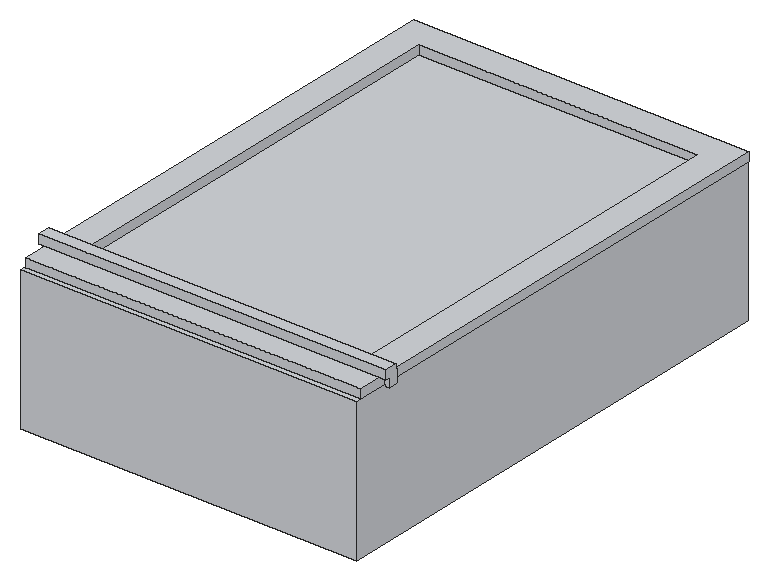
Revit family "M_Recorte-Janela-Exterior-Plana", category Modelos genéricos, Revit 2019
Family settings
  Hospedeiro = Face
  Pode hospedar o vergalhão = Não
  Cota do conector redondo = Utilizar diâmetro
  Tipo de parte = Normal
  Corte com vazios quando carregada = Não
  Compartilhado = Sim
  Ponto de cálculo do ambiente = Não
Parameters (values of type "com peitoril")
  Largura da apara = 60 mm
  Espessura da apara_Quadro = 30 mm
  Espessura da apara_com peitoril = 19.05 mm
  Material da apara [instance] = none
  Espessura do peitoril = 30 mm
  Peitoril = yes
  Quadro = no
  Largura da abertura [instance] = 600 mm
  Altura da abertura [instance] = 900 mm
  Elevação-padrão = 1200 mm
Types (2, lengths in mm): name | Peitoril | Quadro
  com peitoril | yes | no
  Quadro | no | yes
Reference planes
  plane 1 "Centro (Frente/Trás)": y = 0
  plane 2: z = 0
  plane 3 "Centro (Esquerda/Direita)": x = 0
  plane 4: y = 60
  plane 5 "Esquerda": x = -300
  plane 6 "Direita": x = 300
  plane 7 "Inferior": y = -900
  plane 8: y = -930
  plane 9: y = -980.432
  plane 10: x = 360
  plane 11: x = -360
  plane 12: z = 19.05
  plane 13: z = 30
  plane 14: x = 372.7
  plane 15: x = -372.7
  plane 16: y = -920.432
  plane 17: y = -960
  plane 18: z = 12.7
  plane 19: y = -450
  plane 20: z = 38.1
Forms (mm)
  Extrusion 1, solid
    sketch origin (0, 0, 0) x (1, 0, 0) y (0, 1, 0)
      loop
        line (-361.95, 57.15) -> (-361.95, -993.732) -> (361.95, -993.732) -> (361.95, 57.15) -> (-361.95, 57.15)
    from 0 to -304.8
  Extrusion 2, solid, material <- "Material da apara", visible <- "Peitoril"
    sketch origin (0, 0, 0) x (1, 0, 0) y (0, 1, 0)
      loop
        line (-360, -900) -> (-300, -900) -> (-300, 0) -> (300, 0) -> (300, -900) -> (360, -900) -> (360, 60) -> (-360, 60) -> (-360, -900)
    from 0 to 19.05
  Extrusion 3, solid, material <- "Material da apara", visible <- "Peitoril"
    sketch origin (0, 0, 0) x (0, 1, 0) y (0, 0, 1)
      loop
        line (-902.458, 38.1) -> (-930, 38.1) -> (-930, 19.05) -> (-920.432, 19.05) -> (-920.432, 0) -> (-900, 0) -> (-900, 19.05) -> (-902.458, 38.1)
    from -372.7 to 372.7
  Extrusion 4, solid, material <- "Material da apara", visible <- "Peitoril"
    sketch origin (0, 0, 0) x (1, 0, 0) y (0, 1, 0)
      loop
        line (-360, -920.432) -> (-360, -980.432) -> (360, -980.432) -> (360, -920.432) -> (-360, -920.432)
    from 0 to 19.05
  Extrusion 5, solid, material <- "Material da apara", visible <- "Quadro"
    sketch origin (0, 0, 0) x (1, 0, 0) y (0, 1, 0)
      loop
        line (-300, 0) -> (-300, -900) -> (300, -900) -> (300, 0) -> (-300, 0)
      loop
        line (-360, 60) -> (-360, -960) -> (360, -960) -> (360, 60) -> (-360, 60)
    from 0 to 30
Dimensions and locks
  equal spacing: plane 5 "Esquerda", plane 3 "Centro (Esquerda/Direita)", plane 6 "Direita"
  "Largura da abertura": plane 5 "Esquerda" to plane 6 "Direita"
  "Altura da abertura": plane 7 "Inferior" to plane 1 "Centro (Frente/Trás)"
  "Espessura do peitoril": plane 7 "Inferior" to plane 8
  "Largura da apara": plane 11 to plane 5 "Esquerda"
  "Largura da apara": plane 6 "Direita" to plane 10
  "Largura da apara": plane 1 "Centro (Frente/Trás)" to plane 4
  locked: plane 15 to plane 11 at 12.7
  locked: plane 10 to plane 14 at 12.7
  locked: plane 16 to plane 8 at 9.568
  "Largura da apara": plane 9 to plane 16
  "Largura da apara": plane 17 to plane 7 "Inferior"
  locked: plane 18 to plane 2 at 12.7
  equal spacing: plane 7 "Inferior", plane 19, plane 1 "Centro (Frente/Trás)"
  locked: plane 20 to plane 12 at 19.05
  "Espessura da apara_com peitoril": plane 12 to plane 2
  "Espessura da apara_Quadro": plane 13 to plane 2
  aligned and locked: plane 2 to Extrusion 1
  aligned and locked: level to Extrusion 1
  aligned and locked: Extrusion 2 sketch curve to plane 5 "Esquerda"
  aligned and locked: Extrusion 2 sketch curve to plane 11
  aligned and locked: plane 7 "Inferior" to Extrusion 2 sketch curve  (x2)
  aligned and locked: plane 1 "Centro (Frente/Trás)" to Extrusion 2 sketch curve
  aligned and locked: plane 10 to Extrusion 2 sketch curve
  aligned and locked: Extrusion 2 sketch curve to plane 6 "Direita"
  aligned and locked: plane 12 to Extrusion 2
  aligned and locked: Extrusion 3 sketch curve to level
  aligned and locked: plane 7 "Inferior" to Extrusion 3 sketch curve
  aligned and locked: Extrusion 3 sketch curve to plane 8
  aligned and locked: plane 15 to Extrusion 3
  aligned and locked: Extrusion 3 to plane 14
  aligned and locked: plane 10 to Extrusion 4 sketch curve
  aligned and locked: Extrusion 4 sketch curve to plane 11
  aligned and locked: plane 16 to Extrusion 4 sketch curve
  aligned and locked: plane 9 to Extrusion 4 sketch curve
  aligned and locked: Extrusion 4 to Extrusion 2
  aligned and locked: Extrusion 2 sketch curve to plane 4
  aligned and locked: plane 1 "Centro (Frente/Trás)" to Extrusion 5 sketch curve
  aligned and locked: Extrusion 5 sketch curve to plane 4
  aligned and locked: Extrusion 5 sketch curve to plane 17
  aligned and locked: plane 7 "Inferior" to Extrusion 5 sketch curve
  aligned and locked: Extrusion 5 sketch curve to plane 6 "Direita"
  aligned and locked: plane 10 to Extrusion 5 sketch curve
  aligned and locked: Extrusion 5 sketch curve to plane 5 "Esquerda"
  aligned and locked: Extrusion 5 sketch curve to plane 11
  aligned and locked: plane 13 to Extrusion 5
  aligned and locked: plane 20 to Extrusion 3
Automatic sketch dimensions
  Extrusion 1 sketch curve to Extrusion 1 sketch curve = 723.9 mm
  Extrusion 1 sketch curve to Extrusion 1 sketch curve = 1050.882 mm
  Extrusion 3 sketch curve to plane 16 = 0 mm
  Extrusion 3 sketch curve to plane 12 = 0 mm  (x2)
  Extrusion 3 sketch curve to plane 7 "Inferior" = 2.458 mm
  plane 13 to Extrusion 3 sketch curve = 8.1 mm
